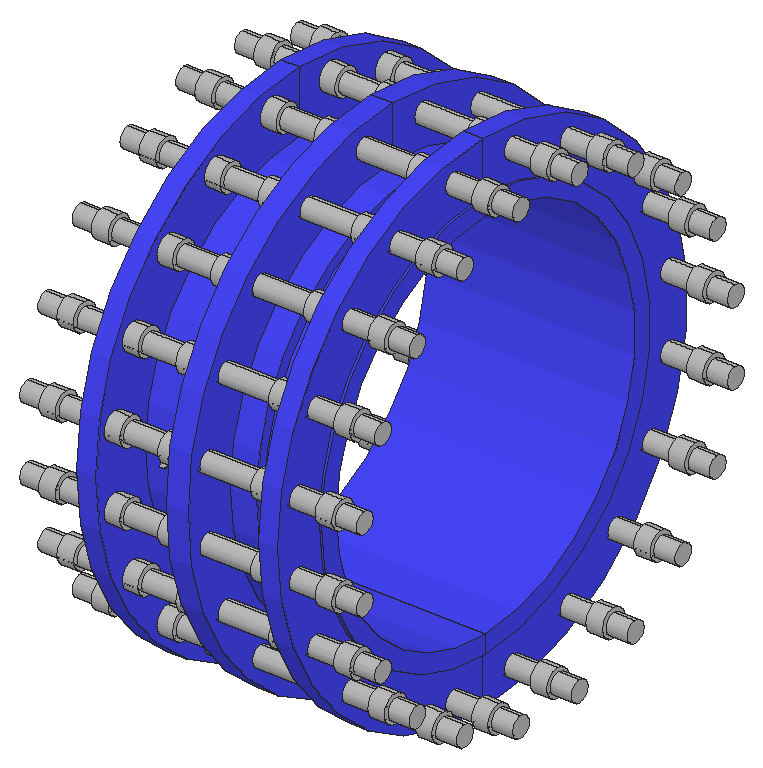
Revit family "265-91-001 DN450-600", category Pipe Accessories, Revit 2022
Family settings
  Round Connector Dimension = Use Diameter
  Part Type = Valve - Breaks Into
  Work Plane-Based = No
  Always vertical = Yes
  Cut with Voids When Loaded = No
  Shared = No
Parameters (values of type "DN450_PN10")
  raised_R = D * 0.8  # 246 mm
  offset = S11 - S  # 8.4 mm
  URL_product_pages = "https://www.avkvalves.com/P.aspx?no=265900401014036400"
  T1 = FL_T * 0.75  # 19.875 mm
  T = FL_T * 0.3  # 7.95 mm
  Search_table = "265-91-001 DN450-600"
  S11 = S * 1.35  # 32.4 mm
  S = size_lookup(Search_table, "S", 0 mm, DN)  # 24 mm
  Raised_dis = size_lookup(Search_table, "Raised_dis", 0 mm, DN)  # 4 mm
  PN = size_lookup(Search_table, "PN", 0 mm, DN)  # 10 mm
  PCD = size_lookup(Search_table, "PCD", 0 mm, DN) / 2  # 282.5 mm
  Nut_T = FL_T * 0.75  # 19.875 mm
  L3 = FL_T / 2  # 13.25 mm
  L2 = L * 0.065  # 26.325 mm
  L11 = size_lookup(Search_table, "L11", 0 mm, DN)  # 250 mm
  L1 = L11 * 0.68  # 170 mm
  FL_T/2 = FL_T / 2  # 13.25 mm
  L = size_lookup(Search_table, "L", 0 mm, DN)  # 405 mm
  FL_T = size_lookup(Search_table, "FL_T", 0 mm, DN)  # 26.5 mm
  Description_ = "AVK DISMANTLING JOINT WITH CENTRE FLANGE, PN10/16"
  Default Elevation = 0 mm
  DN600_PN16 = "265-9-0600-10-14036400"
  DN600_PN10 = "265-9-0600-11-04036401"
  DN500_PN10 = "265-9-0500-11-04036401"
  DN500_PN16 = "265-9-0500-10-14036400"
  DN450_PN10 = "265-9-0450-11-04036401"
  DN450_PN16 = "265-9-0450-10-14036400\r\n265-9-0450-10-14036400\r\n265-9-0450-10-14036400"
  DN = 450.1 mm
  D = size_lookup(Search_table, "D", 0 mm, DN) / 2  # 307.5 mm
  Bore = DN / 2  # 225.05 mm
  Bolt.no = size_lookup(Search_table, "Bolt.no", 0 mm, DN)  # 20 mm
  B1 = L * 0.08  # 32.4 mm
  25 = 25 mm  # constant formula
Types (7, lengths in mm): name | raised_R | offset | T1 | T | S11 | S | Raised_dis | PN | PCD | Nut_T | L3 | L2 | L11 | L1 | FL_T/2 | L | FL_T | DN | D | Bore | B1
  (no name) | 246 | 8.4 | 19.875 | 7.95 | 32.4 | 24 | 4 | 10 | 282.5 | 19.875 | 13.25 | 26.325 | 250 | 170 | 13.25 | 405 | 26.5 | 450.1 | 307.5 | 225.05 | 32.4
  DN500_PN10 | 268 | 8.4 | 22.5 | 9 | 32.4 | 24 | 4 | 10 | 310 | 22.5 | 15 | 26.325 | 260 | 176.8 | 15 | 405 | 30 | 500.1 | 335 | 250.05 | 32.4
  DN500_PN16 | 286 | 10.5 | 23.625 | 9.45 | 40.5 | 30 | 4 | 16 | 325 | 23.625 | 15.75 | 29.9 | 280 | 190.4 | 15.75 | 460 | 31.5 | 500 | 357.5 | 250 | 36.8
  DN450_PN10 | 246 | 8.4 | 19.875 | 7.95 | 32.4 | 24 | 4 | 10 | 282.5 | 19.875 | 13.25 | 26.325 | 250 | 170 | 13.25 | 405 | 26.5 | 450.1 | 307.5 | 225.05 | 32.4
  DN450_PN16 | 256 | 9.45 | 22.5 | 9 | 36.45 | 27 | 4 | 16 | 292.5 | 22.5 | 15 | 28.6 | 270 | 183.6 | 15 | 440 | 30 | 450 | 320 | 225 | 35.2
  DN600_PN16 | 336 | 11.55 | 27 | 10.8 | 44.55 | 33 | 5 | 16 | 385 | 27 | 18 | 32.5 | 300 | 204 | 18 | 500 | 36 | 600 | 420 | 300 | 40
  DN600_PN10 | 312 | 9.45 | 24.375 | 9.75 | 36.45 | 27 | 5 | 10 | 362.5 | 24.375 | 16.25 | 27.95 | 260 | 176.8 | 16.25 | 430 | 32.5 | 600.1 | 390 | 300.05 | 34.4
Reference planes
  plane 1 "Center (Front/Back)": y = 0
  plane 2: z = 0
  plane 3 "Center (Left/Right)": x = 0
  plane 4: z = 307.5
  plane 5: z = -307.5
  plane 6: x = -125
  plane 7: x = 125
  plane 8: x = -125
  plane 9: x = 125
  plane 10: z = 225.05
  plane 11: y = 282.5
  plane 12: y = -282.5
  plane 13: z = 282.5
  plane 14: z = -282.5
  plane 15: x = -202.5
  plane 16: x = 202.5
  plane 17: x = 98.5
  plane 18: x = -176.175
  plane 19: x = 176.175
  plane 20: x = -98.5
  plane 21: x = -13.25
  plane 22: x = -156.3
  plane 23: x = -78.625
  plane 24: x = -33.125
  plane 25: x = 78.625
  plane 26: x = 156.3
  plane 27: z = 0
  plane 28: z = 0
  plane 29: y = 0.002
  plane 30: through (0, 0, 0) normal (0, -0.1564, 0.9877)
  plane 31: through (0, 0, 0) normal (0, -0.1564, 0.9877)
  plane 32: z = 0
  plane 33: through (4267.2, -240.142, -78.027) normal (0, -0.309, 0.9511)
  plane 34: through (4267.2, -240.142, -78.027) normal (0, -0.309, 0.9511)
  plane 35: through (0, 482.661, 156.826) normal (0, -0.309, 0.9511)
  plane 36: through (0, 0, 0) normal (0, -0.454, 0.891)
  plane 37: through (0, 410.576, 298.301) normal (0, -0.5878, 0.809)
  plane 38: through (0, 0, 0) normal (0, -0.7071, 0.7071)
  plane 39: through (0, 298.301, 410.576) normal (0, -0.809, 0.5878)
  plane 40: through (0, 0, 0) normal (0, -0.891, 0.454)
  plane 41: through (0, 156.826, 482.661) normal (0, -0.9511, 0.309)
  plane 42: through (0, 0, 0) normal (0, -0.9877, 0.1564)
  plane 43: y = 0
  plane 44: z = 332.5
  plane 45: z = 225
  plane 46: z = 292.5
  plane 47: through (0, 0, 0) normal (0, -0.1564, -0.9877)
  plane 48: through (0, 0, 0) normal (0, -0.1564, -0.9877)
  plane 49: through (0, -482.661, 156.826) normal (0, -0.309, -0.9511)
  plane 50: through (0, 0, 0) normal (0, -0.454, -0.891)
  plane 51: through (0, -410.576, 298.301) normal (0, -0.5878, -0.809)
  plane 52: through (0, 0, 0) normal (0, -0.7071, -0.7071)
  plane 53: through (0, -298.301, 410.576) normal (0, -0.809, -0.5878)
  plane 54: through (0, 0, 0) normal (0, -0.891, -0.454)
  plane 55: through (0, -156.826, 482.661) normal (0, -0.9511, -0.309)
  plane 56: through (0, 0, 0) normal (0, -0.9877, -0.1564)
Forms (mm)
  Revolve 1, solid, material "Laminate, Blue, Matte"
    sketch origin (0, 0, 0) x (1, 0, 0) y (0, 0, 1)
      loop
        line (-125, 246) -> (-125, 225.05) -> (125, 225.05) -> (125, 246) -> (121, 246) -> (121, 307.5) -> (98.5, 307.5) -> (98.5, 233) -> (-98.5, 233) -> (-98.5, 307.5) -> (-121, 307.5) -> (-121, 246) -> (-125, 246)
      axis (-125, 0) -> (125, 0)
    angle from 0 to 360
  Revolve 2, solid, material "Laminate, Blue, Matte"
    sketch origin (0, 0, 0) x (1, 0, 0) y (0, 0, 1)
      loop
        line (-13.25, 307.5) -> (-13.25, 233) -> (45, 233) -> (45, 244.925) -> (13.25, 244.925) -> (13.25, 307.5) -> (-13.25, 307.5)
      axis (-13.25, 0) -> (45, 0)
    angle from 0 to 360
  Extrusion 3, solid, material "Stainless Steel AISI 304"
    sketch origin (-176.175, -1524, 188.585) x (0, 0, 1) y (0, -1, 0)
      loop
        circle (-144.392, -1803.022) r 12
      loop
        circle (-232.777, -1244.978) r 12
      loop
        circle (-60.332, -1775.709) r 12
      loop
        circle (-316.837, -1272.291) r 12
      loop
        circle (-388.342, -1324.242) r 12
      loop
        circle (11.173, -1723.758) r 12
      loop
        circle (-440.294, -1395.748) r 12
      loop
        circle (63.125, -1652.252) r 12
      loop
        circle (-467.484, -1479.827) r 12
      loop
        circle (90.314, -1568.173) r 12
      loop
        circle (-467.607, -1568.193) r 12
      loop
        circle (90.437, -1479.807) r 12
      loop
        circle (-440.294, -1652.252) r 12
      loop
        circle (63.125, -1395.748) r 12
      loop
        circle (-388.342, -1723.758) r 12
      loop
        circle (11.173, -1324.242) r 12
      loop
        circle (-316.837, -1775.709) r 12
      loop
        circle (-60.332, -1272.291) r 12
      loop
        circle (-144.392, -1244.978) r 12
      loop
        circle (-232.777, -1803.022) r 12
    from -26.325 to 378.675
  Extrusion 4, solid, material "Stainless Steel AISI 304"
    sketch origin (-176.175, -1524, 188.585) x (0, 0, 1) y (0, -1, 0)
      loop
        circle (-467.607, -1479.807) r 16.2
      loop
        circle (-440.294, -1395.748) r 16.2
      loop
        circle (-388.342, -1324.242) r 16.2
      loop
        circle (-316.837, -1272.291) r 16.2
      loop
        circle (-232.777, -1244.978) r 16.2
      loop
        circle (-144.392, -1244.978) r 16.2
      loop
        circle (-60.332, -1272.291) r 16.2
      loop
        circle (11.173, -1324.242) r 16.2
      loop
        circle (63.125, -1395.748) r 16.2
      loop
        circle (90.437, -1479.807) r 16.2
      loop
        circle (90.437, -1568.193) r 16.2
      loop
        circle (63.125, -1652.252) r 16.2
      loop
        circle (11.173, -1723.758) r 16.2
      loop
        circle (-60.332, -1775.709) r 16.2
      loop
        circle (-144.392, -1803.022) r 16.2
      loop
        circle (-232.777, -1803.022) r 16.2
      loop
        circle (-316.837, -1775.709) r 16.2
      loop
        circle (-388.342, -1723.758) r 16.2
      loop
        circle (-440.294, -1652.252) r 16.2
      loop
        circle (-467.607, -1568.193) r 16.2
    from 0 to 19.875
  Extrusion 5, solid, material "Stainless Steel AISI 304"
    sketch origin (-176.175, -1524, 188.585) x (0, 0, 1) y (0, -1, 0)
      loop
        circle (-232.777, -1803.022) r 16.2
      loop
        circle (-316.837, -1775.709) r 16.2
      loop
        circle (-388.342, -1723.758) r 16.2
      loop
        circle (-440.294, -1652.252) r 16.2
      loop
        circle (-467.607, -1568.193) r 16.2
      loop
        circle (-467.607, -1479.807) r 16.2
      loop
        circle (-440.294, -1395.748) r 16.2
      loop
        circle (-388.342, -1324.242) r 16.2
      loop
        circle (-316.837, -1272.291) r 16.2
      loop
        circle (-232.777, -1244.978) r 16.2
      loop
        circle (-144.392, -1244.978) r 16.2
      loop
        circle (-60.332, -1272.291) r 16.2
      loop
        circle (11.173, -1324.242) r 16.2
      loop
        circle (63.125, -1395.748) r 16.2
      loop
        circle (90.437, -1479.807) r 16.2
      loop
        circle (90.437, -1568.193) r 16.2
      loop
        circle (63.125, -1652.252) r 16.2
      loop
        circle (11.173, -1723.758) r 16.2
      loop
        circle (-60.332, -1775.709) r 16.2
      loop
        circle (-144.392, -1803.022) r 16.2
    from 97.55 to 77.675
  Extrusion 6, solid, material "Stainless Steel AISI 304"
    sketch origin (-176.175, -1524, 188.585) x (0, 0, 1) y (0, -1, 0)
      loop
        circle (-316.837, -1775.709) r 16.2
      loop
        circle (-388.342, -1723.758) r 16.2
      loop
        circle (-440.294, -1652.252) r 16.2
      loop
        circle (-467.607, -1568.193) r 16.2
      loop
        circle (-467.607, -1479.807) r 16.2
      loop
        circle (-440.294, -1395.748) r 16.2
      loop
        circle (-388.342, -1324.242) r 16.2
      loop
        circle (-316.837, -1272.291) r 16.2
      loop
        circle (-232.777, -1244.978) r 16.2
      loop
        circle (-144.392, -1244.978) r 16.2
      loop
        circle (-60.332, -1272.291) r 16.2
      loop
        circle (11.173, -1324.242) r 16.2
      loop
        circle (63.125, -1395.748) r 16.2
      loop
        circle (90.437, -1479.807) r 16.2
      loop
        circle (90.437, -1568.193) r 16.2
      loop
        circle (63.125, -1652.252) r 16.2
      loop
        circle (11.173, -1723.758) r 16.2
      loop
        circle (-60.332, -1775.709) r 16.2
      loop
        circle (-144.392, -1803.022) r 16.2
      loop
        circle (-232.777, -1803.022) r 16.2
    from 143.05 to 162.925
  Extrusion 7, solid, material "Stainless Steel AISI 304"
    sketch origin (-176.175, -1524, 188.585) x (0, 0, 1) y (0, -1, 0)
      loop
        circle (-388.342, -1723.758) r 16.2
      loop
        circle (-440.294, -1652.252) r 16.2
      loop
        circle (-467.607, -1568.193) r 16.2
      loop
        circle (-232.777, -1803.022) r 16.2
      loop
        circle (-316.837, -1775.709) r 16.2
      loop
        circle (-467.607, -1479.807) r 16.2
      loop
        circle (-440.294, -1395.748) r 16.2
      loop
        circle (-388.342, -1324.242) r 16.2
      loop
        circle (-316.837, -1272.291) r 16.2
      loop
        circle (-232.777, -1244.978) r 16.2
      loop
        circle (-144.392, -1244.978) r 16.2
      loop
        circle (-60.332, -1272.291) r 16.2
      loop
        circle (11.173, -1324.242) r 16.2
      loop
        circle (63.125, -1395.748) r 16.2
      loop
        circle (90.437, -1479.807) r 16.2
      loop
        circle (90.437, -1568.193) r 16.2
      loop
        circle (-144.392, -1803.022) r 16.2
      loop
        circle (-60.332, -1775.709) r 16.2
      loop
        circle (11.173, -1723.758) r 16.2
      loop
        circle (63.125, -1652.252) r 16.2
    from 274.675 to 254.8
  Extrusion 8, solid, material "Stainless Steel AISI 304"
    sketch origin (-176.175, -1524, 188.585) x (0, 0, 1) y (0, -1, 0)
      loop
        circle (90.437, -1568.193) r 16.2
      loop
        circle (63.125, -1652.252) r 16.2
      loop
        circle (11.173, -1723.758) r 16.2
      loop
        circle (-60.332, -1775.709) r 16.2
      loop
        circle (-144.392, -1803.022) r 16.2
      loop
        circle (-232.777, -1803.022) r 16.2
      loop
        circle (-316.837, -1775.709) r 16.2
      loop
        circle (-388.342, -1723.758) r 16.2
      loop
        circle (-440.294, -1652.252) r 16.2
      loop
        circle (-467.607, -1568.193) r 16.2
      loop
        circle (-467.607, -1479.807) r 16.2
      loop
        circle (-440.294, -1395.748) r 16.2
      loop
        circle (-388.342, -1324.242) r 16.2
      loop
        circle (-316.837, -1272.291) r 16.2
      loop
        circle (-232.777, -1244.978) r 16.2
      loop
        circle (-144.392, -1244.978) r 16.2
      loop
        circle (-60.332, -1272.291) r 16.2
      loop
        circle (11.173, -1324.242) r 16.2
      loop
        circle (63.125, -1395.748) r 16.2
      loop
        circle (90.437, -1479.807) r 16.2
    from 332.475 to 352.35
Dimensions and locks
  equal spacing: plane 4, level, plane 5
  "D": plane 4 to level
  equal spacing: plane 7, plane 3 "Center (Left/Right)", plane 6
  "L11": plane 7 to plane 6
  equal spacing: plane 9, plane 3 "Center (Left/Right)", plane 8
  "L11": plane 9 to plane 8
  "Bore": plane 10 to level
  equal spacing: Revolve 1 sketch curve, plane 3 "Center (Left/Right)", Revolve 1 sketch curve  (x3)
  "T": Revolve 1 sketch curve to plane 10
  "Raised_dis": Revolve 1 sketch curve to plane 6
  "FL_T": Revolve 1 sketch curve to plane 6
  "T1": Revolve 2 sketch curve to plane 10
  "T": Revolve 2 sketch curve to plane 10
  "L1": Revolve 2 sketch curve to plane 6
  equal spacing: Revolve 2 sketch curve, plane 3 "Center (Left/Right)", Revolve 2 sketch curve
  "FL_T/2": plane 3 "Center (Left/Right)" to Revolve 2 sketch curve
  equal spacing: plane 11, plane 1 "Center (Front/Back)", plane 12
  equal spacing: plane 13, level, plane 14
  "PCD": plane 13 to level
  "PCD": plane 11 to plane 1 "Center (Front/Back)"
  equal spacing: plane 16, plane 3 "Center (Left/Right)", plane 15
  "L": plane 16 to plane 15
  "FL_T": plane 9 to plane 17
  "L2": plane 18 to plane 15
  equal spacing: plane 19, plane 3 "Center (Left/Right)", plane 18
  "FL_T": plane 20 to plane 8
  "FL_T/2": plane 3 "Center (Left/Right)" to plane 21
  "raised_R": Revolve 1 sketch curve to level
  "Nut_T": plane 22 to plane 18
  "Nut_T": plane 23 to plane 20
  "Nut_T": plane 21 to plane 24
  "Nut_T": plane 17 to plane 25
  "Nut_T": plane 19 to plane 26
  plane 16 to plane 15 = 405 mm
  plane 4 to plane 5 = 615 mm
  "PCD": plane 56 to Extrusion 3 sketch curve
  equal spacing: Extrusion 3 sketch curve, plane 56, Extrusion 3 sketch curve
  equal spacing: Extrusion 3 sketch curve, plane 54, Extrusion 3 sketch curve
  "PCD": Extrusion 3 sketch curve to plane 54
  equal spacing: Extrusion 3 sketch curve, plane 52, Extrusion 3 sketch curve
  "PCD": plane 52 to Extrusion 3 sketch curve
  equal spacing: Extrusion 3 sketch curve, plane 50, Extrusion 3 sketch curve
  "PCD": Extrusion 3 sketch curve to plane 50
  equal spacing: Extrusion 3 sketch curve, plane 48, Extrusion 3 sketch curve
  equal spacing: Extrusion 3 sketch curve, plane 31, Extrusion 3 sketch curve
  "PCD": Extrusion 3 sketch curve to plane 31
  equal spacing: Extrusion 3 sketch curve, plane 36, Extrusion 3 sketch curve
  "PCD": plane 36 to Extrusion 3 sketch curve
  equal spacing: Extrusion 3 sketch curve, plane 38, Extrusion 3 sketch curve
  "PCD": plane 38 to Extrusion 3 sketch curve
  equal spacing: Extrusion 3 sketch curve, plane 40, Extrusion 3 sketch curve
  "PCD": plane 40 to Extrusion 3 sketch curve
  equal spacing: Extrusion 3 sketch curve, plane 42, Extrusion 3 sketch curve
  "PCD": Extrusion 3 sketch curve to plane 42
  equal spacing: Extrusion 4 sketch curve, plane 42, Extrusion 4 sketch curve  (x2)
  "PCD": Extrusion 4 sketch curve to plane 48
  "PCD": plane 50 to Extrusion 4 sketch curve
  "PCD": Extrusion 4 sketch curve to plane 52
  "PCD": plane 54 to Extrusion 4 sketch curve
  "PCD": Extrusion 4 sketch curve to plane 56
  equal spacing: Extrusion 4 sketch curve, plane 40, Extrusion 4 sketch curve  (x2)
  equal spacing: Extrusion 4 sketch curve, plane 38, Extrusion 4 sketch curve  (x2)
  equal spacing: Extrusion 4 sketch curve, plane 36, Extrusion 4 sketch curve  (x2)
  equal spacing: Extrusion 4 sketch curve, plane 31, Extrusion 4 sketch curve  (x2)
  equal spacing: Extrusion 4 sketch curve, plane 48, Extrusion 4 sketch curve  (x2)
  equal spacing: Extrusion 4 sketch curve, plane 50, Extrusion 4 sketch curve  (x2)
  equal spacing: Extrusion 4 sketch curve, plane 52, Extrusion 4 sketch curve  (x2)
  equal spacing: Extrusion 4 sketch curve, plane 54, Extrusion 4 sketch curve  (x2)
  equal spacing: Extrusion 4 sketch curve, plane 56, Extrusion 4 sketch curve  (x2)
  "PCD": Extrusion 4 sketch curve to plane 40
  "PCD": plane 38 to Extrusion 4 sketch curve
  "PCD": Extrusion 4 sketch curve to plane 36
  "PCD": plane 31 to Extrusion 4 sketch curve
  "PCD": plane 42 to Extrusion 4 sketch curve
  "PCD": Extrusion 4 sketch curve to plane 31
  "PCD": plane 36 to Extrusion 4 sketch curve
  "PCD": Extrusion 4 sketch curve to plane 38
  "PCD": plane 40 to Extrusion 4 sketch curve
  "PCD": Extrusion 4 sketch curve to plane 42
  "PCD": plane 56 to Extrusion 4 sketch curve
  "PCD": Extrusion 4 sketch curve to plane 54
  "PCD": plane 52 to Extrusion 4 sketch curve
  "PCD": Extrusion 4 sketch curve to plane 50
  "PCD": plane 48 to Extrusion 4 sketch curve
  "S": diameter of Extrusion 3 sketch curve  (x20)
  "S11": diameter of Extrusion 4 sketch curve  (x20)
  diameter of Extrusion 3 = 24 mm  (x2)
  aligned and locked: level to plane 2
  aligned and locked: Revolve 1 sketch curve to level
  aligned and locked: Revolve 1 sketch curve to Revolve 1 sketch curve  (x2)
  aligned and locked: plane 10 to Revolve 1 sketch curve
  aligned and locked: plane 6 to Revolve 1 sketch curve
  aligned and locked: Revolve 1 sketch curve to plane 4
  aligned and locked: Revolve 2 sketch curve to plane 4
  aligned and locked: plane 16 to Extrusion 3
  aligned and locked: Extrusion 3 to plane 15
  aligned and locked: Extrusion 4 to plane 22
  aligned and locked: Extrusion 4 to plane 18
  aligned and locked: Extrusion 5 sketch curve to Extrusion 4  (x40)
  aligned and locked: plane 23 to Extrusion 5
  aligned and locked: Extrusion 5 to plane 20
  aligned and locked: Extrusion 6 sketch curve to Extrusion 4  (x40)
  aligned and locked: Extrusion 6 to plane 24
  aligned and locked: Extrusion 6 to plane 21
  aligned and locked: Extrusion 7 sketch curve to Extrusion 4  (x40)
  aligned and locked: plane 25 to Extrusion 7
  aligned and locked: plane 17 to Extrusion 7
  aligned and locked: Extrusion 8 sketch curve to Extrusion 4  (x40)
  aligned and locked: Extrusion 8 to plane 19
  aligned and locked: Extrusion 8 to plane 26
Automatic sketch dimensions
  Revolve 1 sketch curve to plane 6 = 5.606 mm
  Revolve 1 sketch curve to plane 7 = 4.556 mm
  Revolve 2 sketch curve to level = 0 mm
  plane 18 to Revolve 2 sketch curve = 6.103 mm
  Revolve 2 sketch curve to plane 7 = 1.915 mm
  plane 42 to Extrusion 3 sketch curve = 0 mm  (x2)
  plane 56 to Extrusion 3 sketch curve = 0 mm  (x2)
  Extrusion 3 sketch curve to plane 40 = 0 mm  (x2)
  Extrusion 3 sketch curve to plane 54 = 0 mm  (x2)
  plane 52 to Extrusion 3 sketch curve = 0 mm  (x2)
  plane 38 to Extrusion 3 sketch curve = 0 mm  (x2)
  Extrusion 3 sketch curve to plane 36 = 0 mm  (x2)
  Extrusion 3 sketch curve to plane 50 = 0 mm  (x2)
  plane 30 to Extrusion 3 sketch curve = 0 mm  (x2)
  plane 47 to Extrusion 3 sketch curve = 0 mm  (x2)
  plane 14 to Extrusion 3 sketch curve = 3.601 mm
Nested families
  nested 1: "logo medium-111" at (-48.724, -232.945, -5.068) x (1, 0, 0) z (0, -0.9998, -0.0218), type "logo medium-111"
Connectors
  piping at (125, 0, 0), diameter 450.1, driven by "DN"
    settings: on Revolve 1, index 1, connector inside diameter 609.6 mm, connector length 0 mm, flow factor 0, pipe flow 0.0 L/s, pressure drop 0.0 Pa, fitting loss kfactor 0, connector angle 0.00°, fixture units 0, engagement length 0 mm, angle of deflection 0.00°, flow configuration 0, flow direction 0, fitting loss method 0, system type 7, joint type 0, gender type 0, connector reference index -1, connector utility 0, adjustable connector no, is connector primary yes, connector description ""
  piping at (-125, 0, 0), diameter 450.1, driven by "DN"
    settings: on Revolve 1, index 2, connector inside diameter 609.6 mm, connector length 0 mm, flow factor 0, pipe flow 0.0 L/s, pressure drop 0.0 Pa, fitting loss kfactor 0, connector angle 0.00°, fixture units 0, engagement length 0 mm, angle of deflection 0.00°, flow configuration 0, flow direction 0, fitting loss method 0, system type 7, joint type 0, gender type 0, connector reference index -1, connector utility 0, adjustable connector no, is connector primary no, connector description ""
Definition of nested family "logo medium-111"
  Parameters
    Default Elevation = 1219.2 mm
  Reference planes
    plane 1 "Center (Front/Back)": y = 0
    plane 2: z = 0
    plane 3 "Center (Left/Right)": x = 0
  Forms (mm)
    Extrusion 1, solid
      sketch origin (0, 0, 0) x (1, 0, 0) y (0, 1, 0)
        loop
          line (-1219.2, 1219.2) -> (-1219.2, -1219.2) -> (1219.2, -1219.2) -> (1219.2, 1219.2) -> (-1219.2, 1219.2)
      from 0 to -188.781
    Extrusion 2, solid
      sketch origin (0, 0, 0) x (1, 0, 0) y (0, 1, 0)
        loop
          line (-30.911, 14.607) -> (-12.952, 14.607) -> (-3.438, -8.594) -> (3.26, -8.594) -> (12.676, 14.607) -> (30.732, 14.607) -> (30.732, 20.529) -> (7.968, 20.529) -> (0, 0) -> (-8.195, 20.529) -> (-30.911, 20.529) -> (-30.911, 14.607)
        loop
          line (30.732, 6.453) -> (30.732, 12.569) -> (24.908, 12.569)
          arc (24.908, 12.569) -> (22.993, 7.075) -> (17.724, 4.608) r 7.492
          line (17.724, 4.608) -> (20.928, 12.569) -> (14.521, 12.569) -> (5.881, -8.594) -> (12.434, -8.594) -> (15.777, -0.405) -> (21.354, -8.594) -> (29.424, -8.594) -> (22.319, 0.649)
          arc (22.319, 0.649) -> (26.344, 2.972) -> (29.424, 6.453) r 14.456
          line (29.424, 6.453) -> (30.732, 6.453)
        loop
          line (-5.865, -8.594) -> (-14.796, 12.569) -> (-30.911, 12.569) -> (-30.911, 6.453) -> (-25.086, 6.453) -> (-30.911, -8.594) -> (-25.086, -8.594) -> (-23.728, -5.084) -> (-13.656, -5.084) -> (-12.175, -8.594) -> (-5.865, -8.594)
        loop
          line (-18.776, 7.618) -> (-21.494, 0) -> (-15.961, 0) -> (-18.776, 7.618)
      from 0 to 2
  Dimensions and locks
    aligned and locked: plane 2 to Extrusion 1
    aligned and locked: level to Extrusion 1
    aligned and locked: Extrusion 2 sketch curve to import instance  (x36)
